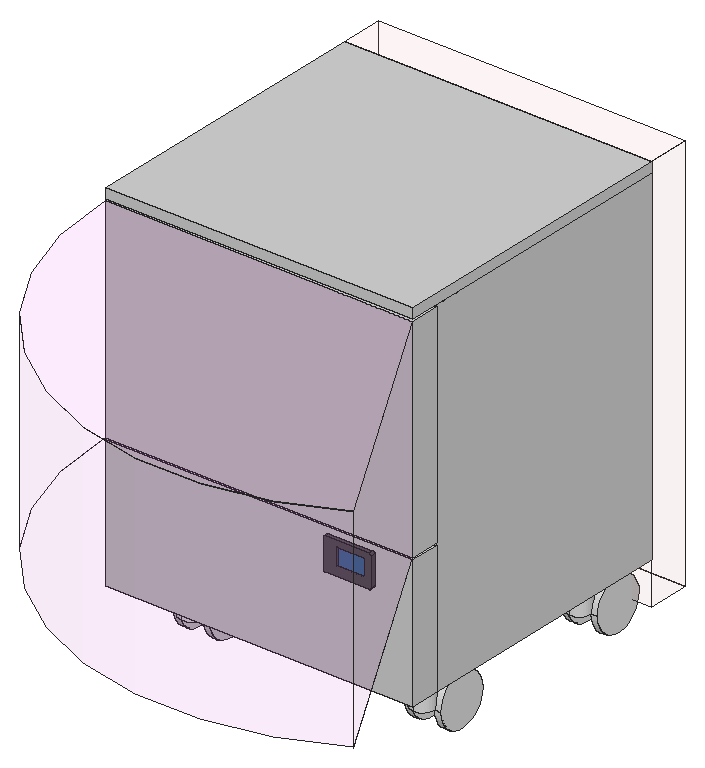
Revit family "Normann_ENTRY_ETR5A-R290", category Attrezzature speciali, Revit 2021
Family settings
  Quota connettore circolare = Usa diametro
  Tipo di parte = Normale
  Basato su piano di lavoro = No
  Sempre verticale = Sì
  Taglio con vuoti quando caricato = No
  Condiviso = No
  Punto di calcolo locali = No
Parameters (values of type "ENTRY5 AIR, R290, 220-240/1N/50, EVJ805, RHH, WHEELS")
  Yield per shock freezing cycle test time (EN22042) - min = 258
  Yield per shock freezing cycle energy consumed (EN22042) - kWh/kg = 0.312
  Yield per shock freezing cycle consuption (EN22042) - kWh = 2
  Yield per shock freezing cycle +65/-18°C (EN22042) - kg = 7
  Yield per shock freezing cycle (+90/-18°C) - kg = 12
  Yield per blast chiling cycle test time (EN22042) - min = 98
  Yield per blast chiling cycle energy consumed (EN22042) - kWh/kg = 0.092
  Yield per blast chiling cycle consumption (EN22042) - kWh = 1
  Yield per blast chiling cycle +65/+10°C (EN22042) - kg = 13
  Yield per blast chiling cycle (+90°C/+3°C) - kg = 18
  Wheel_Feet = yes
  Wheel = Wheel_Feet  # yes
  URL Manufacturer = "https://www.normann.it"
  Tray quantity GN2/3 h65mm = 0
  Tray quantity EN1-GN1/1 h65mm = 0
  Tray quantity EN1-GN1/1 h40mm = 0
  Tray quantity EN1-GN1/1 h20mm = 0
  Tray number = 5
  Tray Type = "GN1/1 e EN1"
  Temperature range - °C = "-40/+3"
  Suction line diameter - mm = 0 mm
  Show_Clearance [instance] = yes
  Refrigeration Climate Class = 4
  Refrigerant gas = "R290"
  Default Elevation = 0 mm
  built-in parameter 1010108 = ""
  Power Supply (Volts/Ph/Hz) = "220-240/1N/50"
  Packing volume - m3 = 0.6
  Packaging length actual - mm = 730 mm
  Packaging height actual - mm = 1090 mm
  Packaging depth actual - mm = 755 mm
  Optional = "CORE PROBE"
  Net Weight kg = 124
  Model Series = "Entry"
  Model Category = "Blast chiller reach-in"
  Max power warm cycle - W = 0
  Max power cold cycle - W = 870
  Max current warm cycle - A = 0
  Max current cold cycle - A = 5.14
  Mat_Grid = Acciaio inox, spazzolato
  Mat_Frame = Acciaio inox, spazzolato
  Manufacturer = "Normann"
  Liquid line diameter - mm = 0 mm
  Length Actual = 715 mm
  Internal length actual - mm = 615 mm
  Internal height actual - mm = 405 mm
  Internal depth actual - mm = 417 mm
  Ice cream pan 5l quantity (360x165x120mm) = 6
  ID = "5A1D1D3B1-05A2D"
  Height_Door = 493 mm
  Height_Feet_Actual = if(Wheel_Feet, 100 mm, H_Feet_Limits)  # 100 mm
  Height Actual = 931 mm
  H_Feet_Limits = if(Height_Feet_100to160 < 100 mm, 100 mm, if(Height_Feet_100to160 > 160 mm, 160 mm, Height_Feet_100to160))  # 125 mm
  Gross Weight kg = 139
  GWP = 3
  Feet = not(Wheel_Feet)  # no
  Door_SX = not(Door Side R_L)  # yes
  Door_DX = Door Side R_L  # no
  OffSet_Display = 51 mm
  Height_Feet_100to160 = 125 mm
  Door Side R_L = no
  Depth Body = 695 mm
  Depth Actual = 695 mm
  Controller = "EVJ805"
  Condensation = "AIR"
  Capacity internal - L = 104
  Asset Identifier = "ETR5A-R290"
Reference planes
  plane 1 "Retro": y = 0
  plane 2: z = 0
  plane 3 "Sinistra": x = 0
  plane 4: x = 202.5
  plane 5: x = 357.5
  plane 6: x = 512.5
  plane 7: x = 715
  plane 8: x = 88
  plane 9: x = 627
  plane 10: y = -100
  plane 11: y = -347.5
  plane 12: y = -555
  plane 13: y = -625
  plane 14: y = -695
  plane 15: y = -695
  plane 16: z = 100
  plane 17: z = 908
  plane 18: z = 354
  plane 19: z = 931
  plane 20: z = 903
  plane 21: z = 405
  plane 22: z = 410
  plane 23: z = 36
  plane 24: y = 100
  plane 25 "Linee di taglio": y = -705
Forms (mm)
  Extrusion 1, solid, material "Acciaio inox, spazzolato" <- "Mat_Frame"
    sketch origin (0, 0, 0) x (1, 0, 0) y (0, 1, 0)
      loop
        line (0, 0) -> (0, -695) -> (715, -695) -> (715, 0) -> (0, 0)
    from 908 to 931
  Extrusion 2, solid, material "Acciaio inox, spazzolato" <- "Mat_Frame"
    sketch origin (0, 0, 0) x (1, 0, 0) y (0, 1, 0)
      loop
        line (0, 0) -> (0, -625) -> (715, -625) -> (715, 0) -> (0, 0)
    from 100 to 908
  Extrusion 3, solid, material "Acciaio inox, spazzolato" <- "Mat_Grid"
    sketch origin (0, 0, 0) x (1, 0, 0) y (0, 1, 0)
      loop
        line (0, -625) -> (0, -695) -> (715, -695) -> (715, -625) -> (0, -625)
    from 100 to 405
  Extrusion 4, solid, material "Acciaio inox, spazzolato" <- "Mat_Frame"
    sketch origin (0, 0, 0) x (1, 0, 0) y (0, 1, 0)
      loop
        line (0, -625) -> (0, -695) -> (715, -695) -> (715, -625) -> (0, -625)
    from 410 to 903
  Extrusion 5, solid, material "Acciaio inox, spazzolato" <- "Mat_Frame"
    sketch origin (0, 0, 0) x (1, 0, 0) y (0, 1, 0)
      loop
        line (202.5, -100) -> (202.5, -555) -> (512.5, -555) -> (512.5, -100) -> (202.5, -100)
    from 36 to 100
  Extrusion 6, solid, material "QF_Finishes_Clearance", visible <- "Show_Clearance"
    sketch origin (0, 0, 0) x (1, 0, 0) y (0, 1, 0)
      loop
        line (0, 100) -> (0, 0) -> (715, 0) -> (715, 100) -> (0, 100)
    from 0 to 931
  Extrusion 7, solid, material "Acciaio inox, spazzolato" <- "Mat_Frame"
    sketch origin (0, 0, 0) x (1, 0, 0) y (0, 0, 1)
      loop
        line (88, 130) -> (88, 160) -> (58, 160) -> (58, 130) -> (88, 130)
    from -1.043 to 0
  Extrusion 8, solid, material "Acciaio inox, spazzolato" <- "Mat_Frame"
    sketch origin (0, 0, 0) x (1, 0, 0) y (0, 0, 1)
      loop
        circle (627, 154.579) r 10
    from -6.778 to 0
Dimensions and locks
  equal spacing: plane 14, plane 11, plane 1 "Retro"
  "Depth Body": plane 14 to plane 1 "Retro"
  equal spacing: plane 3 "Sinistra", plane 5, plane 7
  "Length Actual": plane 3 "Sinistra" to plane 7
  locked: plane 3 "Sinistra" to plane 8 at 88
  locked: plane 9 to plane 7 at 88
  plane 4 to plane 5 to plane 6 = 155 mm locked, 155 mm locked
  plane 10 to plane 1 "Retro" = 100 mm
  plane 12 to plane 13 to plane 14 = 70 mm locked, 70 mm locked
  "Depth Actual": plane 15 to plane 1 "Retro"
  "Height Actual": plane 2 to plane 19
  locked: plane 17 to plane 19 at 23
  locked: plane 20 to plane 17 at 5
  "OffSet_Display": plane 21 to plane 18
  "Height_Feet_Actual": plane 2 to plane 16
  plane 16 to plane 21 = 305 mm
  locked: plane 21 to plane 22 at 5
  locked: plane 23 to plane 16 at 64
  locked: plane 1 "Retro" to plane 24 at 100
  "Height_Door": plane 20 to plane 22
  locked: plane 25 "Linee di taglio" to nested 7 at 10
  aligned and locked: level to plane 2
  aligned and locked: plane 1 "Retro" to Extrusion 1 sketch curve
  aligned and locked: plane 3 "Sinistra" to Extrusion 1 sketch curve
  aligned and locked: plane 7 to Extrusion 1 sketch curve
  aligned and locked: plane 14 to Extrusion 1 sketch curve
  aligned and locked: Extrusion 1 to plane 19
  aligned and locked: plane 17 to Extrusion 1
  aligned and locked: Extrusion 2 sketch curve to Extrusion 1  (x2)
  aligned and locked: Extrusion 2 sketch curve to plane 13
  aligned and locked: plane 7 to Extrusion 2 sketch curve
  aligned and locked: Extrusion 3 sketch curve to Extrusion 2  (x2)
  aligned and locked: plane 14 to Extrusion 3 sketch curve
  aligned and locked: Extrusion 3 sketch curve to Extrusion 1
  aligned and locked: Extrusion 4 sketch curve to Extrusion 2  (x2)
  aligned and locked: Extrusion 4 sketch curve to Extrusion 1  (x2)
  aligned and locked: plane 4 to Extrusion 5 sketch curve
  aligned and locked: Extrusion 5 sketch curve to plane 6
  aligned and locked: Extrusion 2 to plane 17
  aligned and locked: plane 16 to Extrusion 2
  aligned and locked: Extrusion 5 to plane 16
  aligned and locked: plane 20 to Extrusion 4
  aligned and locked: plane 22 to Extrusion 4
  aligned and locked: Extrusion 3 to plane 21
  aligned and locked: plane 16 to Extrusion 3
  aligned and locked: plane 12 to nested 1
  aligned and locked: nested 1 to plane 9
  aligned and locked: nested 3 to plane 12
  aligned and locked: nested 3 to plane 8
  aligned and locked: Extrusion 5 to plane 23
  aligned and locked: Extrusion 6 sketch curve to plane 24
  aligned and locked: Extrusion 6 sketch curve to plane 1 "Retro"
  aligned and locked: Extrusion 6 to plane 19
  aligned and locked: plane 1 "Retro" to Extrusion 7
  aligned and locked: plane 1 "Retro" to Extrusion 8
  aligned and locked: nested 7 to plane 14
  aligned and locked: plane 3 "Sinistra" to nested 7
  aligned and locked: nested 7 to plane 20
  aligned and locked: plane 14 to nested 8
  aligned and locked: nested 8 to plane 7
  aligned and locked: nested 8 to plane 20
  aligned and locked: Extrusion 6 to plane 3 "Sinistra"
  aligned and locked: Extrusion 6 to plane 7
  aligned and locked: nested 2 to plane 9
  aligned and locked: plane 9 to nested 6
  aligned and locked: plane 18 to nested 6
  aligned and locked: nested 5 to plane 9
  aligned and locked: nested 5 to plane 18
Automatic sketch dimensions
  Extrusion 5 sketch curve to plane 12 = 0 mm
  Extrusion 5 sketch curve to plane 10 = 0 mm
  Extrusion 7 sketch curve to plane 8 = 0 mm
  Extrusion 7 sketch curve to plane 8 = 30 mm
  Extrusion 7 sketch curve to plane 16 = 30 mm
  Extrusion 7 sketch curve to Extrusion 7 sketch curve = 30 mm
  Extrusion 8 sketch curve to plane 9 = 0 mm
  Extrusion 8 sketch curve to plane 16 = 54.579 mm
  Extrusion 6 sketch curve to plane 7 = 0 mm
  Extrusion 6 sketch curve to plane 3 "Sinistra" = 0 mm
  radius of Extrusion 8 sketch curve = 10 mm
Nested families
  nested 1: "Feet_Wheel_Norm" at (627, -555, 100) x (0, 1, 0) z (0, 0, -1), Feet <- "Feet", H_Feet <- "Height_Feet_Actual", type "Feet_Wheel_Norm"
    with Wheel yes, H_Wheel 150 mm, H_Feet_Real 100 mm, H_Feet 100 mm, Feet no
  nested 2: "Feet_Wheel_Norm" at (627, -100, 100) x (0, 1, 0) z (0, 0, -1), Feet <- "Feet", H_Feet <- "Height_Feet_Actual", type "Feet_Wheel_Norm"
    with Wheel yes, H_Wheel 150 mm, H_Feet_Real 100 mm, H_Feet 100 mm, Feet no
  nested 3: "Feet_Wheel_Norm" at (88, -555, 100) x (0, 1, 0) z (0, 0, -1), Feet <- "Feet", H_Feet <- "Height_Feet_Actual", type "Feet_Wheel_Norm"
    with Wheel yes, H_Wheel 150 mm, H_Feet_Real 100 mm, H_Feet 100 mm, Feet no
  nested 4: "Feet_Wheel_Norm" at (88, -100, 100) x (0, 1, 0) z (0, 0, -1), Feet <- "Feet", H_Feet <- "Height_Feet_Actual", type "Feet_Wheel_Norm"
    with Wheel yes, H_Wheel 150 mm, H_Feet_Real 100 mm, H_Feet 100 mm, Feet no
  nested 5: "Griglia_Entry_Lit" at (-8.883, -695, 411.762) x (1, 0, 0) z (0, -1, 0), type "Griglia_Entry_Lit"
  nested 6: "Display_Entry" at (571, -695, 354) x (1, 0, 0) z (0, -1, 0), type "Display_Entry"
  nested 7: "Door_Clearance" at (0, -695, 410), Show_Clearance <- "Show_Clearance", visible <- "Door_DX", W <- "Length Actual", H <- "Height_Door", type "Door_Clearance"
    with W 715 mm, Show_Clearance yes, H 493 mm
  nested 8: "Door_Clearance" at (715, -695, 410) x (-1, 0, 0) z (0, 0, 1), W <- "Length Actual", H <- "Height_Door", Show_Clearance <- "Show_Clearance", visible <- "Door_SX", type "Door_Clearance"
    with W 715 mm, Show_Clearance yes, H 493 mm
Connectors
  piping at (627, 6.778, 154.579), diameter 20
    settings: on Extrusion 8, index 2, connector inside diameter 609.6 mm, connector length 0 mm, flow factor 0, pipe flow 0.0 L/s, pressure drop 0.0 Pa, fitting loss kfactor 0, connector angle 0.00°, fixture units 0, engagement length 0 mm, angle of deflection 0.00°, flow configuration 0, flow direction 0, fitting loss method 0, system type 29, joint type 0, gender type 0, connector reference index -1, connector utility 0, adjustable connector no, is connector primary yes, connector description "Water connection"
  electrical at (73, 1.043, 145)
    settings: on Extrusion 7, index 3, voltage 0 V, apparent load 0 VA, apparent load phase1 0 VA, apparent load phase2 0 VA, apparent load phase3 0 VA, power factor 1, load classification "Altro", number of poles 1, system type 31, power factor state 1, is connector primary yes, connector utility no, sub classification motor no, connector description "Electrical connection"
Definition of nested family "Feet_Wheel_Norm"
  Parameters (values of type "Feet_Wheel_Norm")
    Wheel [instance] = not(Feet)  # no
    Default Elevation = 1219.2 mm
    Mat_Feet = none
    H_Wheel [instance] = if(Wheel, 150 mm, H_Feet_Real)  # 150 mm
    H_Feet_Real [instance] = if(H_Feet < 100 mm, 100 mm, if(H_Feet > 160 mm, 160 mm, H_Feet))  # 150 mm
    H_Feet [instance] = 150 mm
    Feet [instance] = yes
    D = 55 mm
  Reference planes
    plane 1 "Centro (Fronte/Retro)": y = 0
    plane 2: z = 0
    plane 3 "Centro (Sinistra/Destra)": x = 0
    plane 4: y = 42.5
    plane 5: y = 27.5
    plane 6: y = -27.5
    plane 7: y = -42.5
    plane 8: z = 30
    plane 9: z = 90
    plane 10: z = 125
    plane 11: z = 150
  Forms (mm)
    Extrusion 1, solid
      sketch origin (0, 0, 0) x (1, 0, 0) y (0, 1, 0)
        loop
          line (-1219.2, 1219.2) -> (-1219.2, -1219.2) -> (1219.2, -1219.2) -> (1219.2, 1219.2) -> (-1219.2, 1219.2)
      from 0 to -304.8
    Extrusion 2, solid, material <- "Mat_Feet", visible <- "Feet"
      sketch origin (0, 0, 0) x (1, 0, 0) y (0, 1, 0)
        loop
          circle (0, 0) r 27.3
      from 125 to 150
    Extrusion 3, solid, material <- "Mat_Feet", visible <- "Feet"
      sketch origin (0, 0, 0) x (1, 0, 0) y (0, 1, 0)
        loop
          circle (0, 0) r 31.5
      from 0 to 125
    Extrusion 4, solid, material <- "Mat_Feet", visible <- "Wheel"
      sketch origin (0, 0, 0) x (1, 0, 0) y (0, 1, 0)
        loop
          circle (0, 0) r 27.3
      from 0 to 90
    Extrusion 5, solid, material <- "Mat_Feet", visible <- "Wheel"
      sketch origin (-40.152, 0, 0) x (1, 0, 0) y (0, 0, 1)
        loop
          circle (100.152, 90) r 60
      from 27.5 to 42.5
    Extrusion 6, solid, material <- "Mat_Feet", visible <- "Wheel"
      sketch origin (-40.152, 0, 0) x (1, 0, 0) y (0, 0, -1)
        loop
          circle (100.152, -90) r 60
      from 27.5 to 42.5
  Dimensions and locks
    equal spacing: plane 6, plane 1 "Centro (Fronte/Retro)", plane 5
    locked: plane 5 to plane 4 at 15
    locked: plane 7 to plane 6 at 15
    "D": plane 6 to plane 5
    "H_Wheel": plane 2 to plane 11
    locked: plane 10 to plane 11 at 25
    plane 2 to plane 9 = 90 mm
    locked: plane 8 to plane 9 at 60
    aligned and locked: plane 2 to Extrusion 1
    aligned and locked: level to Extrusion 1
    aligned and locked: Extrusion 3 to plane 10
    aligned and locked: plane 10 to Extrusion 2
    aligned and locked: Extrusion 2 to plane 11
    aligned and locked: Extrusion 4 to plane 2
    aligned and locked: Extrusion 4 to plane 9
    aligned and locked: Extrusion 5 to plane 6
    aligned and locked: plane 7 to Extrusion 5
    aligned and locked: Extrusion 6 to plane 4
    aligned and locked: plane 5 to Extrusion 6
    aligned and locked: plane 3 "Centro (Sinistra/Destra)" to Extrusion 5
    aligned and locked: plane 3 "Centro (Sinistra/Destra)" to Extrusion 6
  Automatic sketch dimensions
    Extrusion 1 sketch curve to Extrusion 1 sketch curve = 2438.4 mm  (x2)
    plane 1 "Centro (Fronte/Retro)" to Extrusion 2 sketch curve = 0 mm
    Extrusion 2 sketch curve to plane 3 "Centro (Sinistra/Destra)" = 0 mm
    plane 1 "Centro (Fronte/Retro)" to Extrusion 3 sketch curve = 0 mm
    Extrusion 3 sketch curve to plane 3 "Centro (Sinistra/Destra)" = 0 mm
    Extrusion 4 sketch curve to Extrusion 4 sketch curve = 0 mm  (x2)
    plane 1 "Centro (Fronte/Retro)" to Extrusion 4 sketch curve = 0 mm
    Extrusion 4 sketch curve to plane 3 "Centro (Sinistra/Destra)" = 0 mm
    Extrusion 4 sketch curve to Extrusion 4 sketch curve = 27.3 mm
    Extrusion 5 sketch curve to plane 9 = 0 mm
    plane 3 "Centro (Sinistra/Destra)" to Extrusion 5 sketch curve = 60 mm
    Extrusion 6 sketch curve to plane 9 = 0 mm
    plane 3 "Centro (Sinistra/Destra)" to Extrusion 6 sketch curve = 60 mm
    radius of Extrusion 2 sketch curve = 27.3 mm
    radius of Extrusion 3 sketch curve = 31.5 mm
    radius of Extrusion 5 sketch curve = 60 mm
    radius of Extrusion 6 sketch curve = 60 mm
Definition of nested family "Display_Entry"
  Parameters (values of type "Display_Entry")
    W = 112 mm
    Default Elevation = 1219.2 mm
    H = 10 mm
    D = 76 mm
  Reference planes
    plane 1 "Centro (Fronte/Retro)": y = 0
    plane 2: z = 0
    plane 3 "Centro (Sinistra/Destra)": x = 0
    plane 4: x = 56
    plane 5: x = -56
    plane 6: y = 38
    plane 7: y = -38
    plane 8: z = 10
    plane 9: z = 8
  Forms (mm)
    Extrusion 1, solid
      sketch origin (0, 0, 0) x (1, 0, 0) y (0, 1, 0)
        loop
          line (-1219.2, 1219.2) -> (-1219.2, -1219.2) -> (1219.2, -1219.2) -> (1219.2, 1219.2) -> (-1219.2, 1219.2)
      from 0 to -304.8
    Extrusion 2, solid
      sketch origin (0, 0, 0) x (1, 0, 0) y (0, 1, 0)
        loop
          arc (-51, 38) -> (-54.536, 36.536) -> (-56, 33) r 5
          line (-56, 33) -> (-56, -33)
          arc (-56, -33) -> (-54.536, -36.536) -> (-51, -38) r 5
          line (-51, -38) -> (51, -38)
          arc (51, -38) -> (54.536, -36.536) -> (56, -33) r 5
          line (56, -33) -> (56, 33)
          arc (56, 33) -> (54.536, 36.536) -> (51, 38) r 5
          line (51, 38) -> (-51, 38)
        loop
          line (-23.475, 24.857) -> (-23.475, -15.143) -> (41.525, -15.143) -> (41.525, 24.857) -> (-23.475, 24.857)
      from 0 to 10
    Extrusion 3, solid
      sketch origin (0, 0, 0) x (1, 0, 0) y (0, 1, 0)
        loop
          line (-23.475, 24.857) -> (-23.475, -15.143) -> (41.525, -15.143) -> (41.525, 24.857) -> (-23.475, 24.857)
      from 0 to 8
  Dimensions and locks
    "W": plane 5 to plane 4
    equal spacing: plane 7, plane 1 "Centro (Fronte/Retro)", plane 6
    "D": plane 7 to plane 6
    equal spacing: plane 5, plane 3 "Centro (Sinistra/Destra)", plane 4
    locked: plane 9 to plane 8 at 2
    "H": plane 2 to plane 8
    aligned and locked: plane 2 to Extrusion 1
    aligned and locked: level to Extrusion 1
    aligned and locked: plane 6 to Extrusion 2 sketch curve
    aligned and locked: Extrusion 2 sketch curve to plane 5
    aligned and locked: plane 7 to Extrusion 2 sketch curve
    aligned and locked: plane 4 to Extrusion 2 sketch curve
    aligned and locked: Extrusion 3 sketch curve to Extrusion 2  (x4)
    aligned and locked: Extrusion 2 to plane 8
    aligned and locked: plane 9 to Extrusion 3
  Automatic sketch dimensions
    Extrusion 1 sketch curve to Extrusion 1 sketch curve = 2438.4 mm  (x2)
    Extrusion 2 sketch curve to plane 5 = 5 mm  (x2)
    Extrusion 2 sketch curve to plane 3 "Centro (Sinistra/Destra)" = 23.475 mm
    plane 4 to Extrusion 2 sketch curve = 14.475 mm
    plane 4 to Extrusion 2 sketch curve = 5 mm  (x2)
    plane 1 "Centro (Fronte/Retro)" to Extrusion 2 sketch curve = 15.143 mm
    Extrusion 2 sketch curve to Extrusion 2 sketch curve = 8.143 mm
Definition of nested family "Door_Clearance"
  Parameters (values of type "Door_Clearance")
    W [instance] = 750 mm
    Show_Clearance [instance] = yes
    Default Elevation = 0 mm
    H [instance] = 464 mm
  Reference planes
    plane 1 "Centro (Fronte/Retro)": y = 0
    plane 2: z = 0
    plane 3 "Centro (Sinistra/Destra)": x = 0
    plane 4: x = 750
    plane 5: z = 464
  Forms (mm)
    Revolve 1, solid, visible <- "Show_Clearance"
      sketch origin (0, 0, 0) x (1, 0, 0) y (0, 0, 1)
        loop
          line (0, 464) -> (0, 0) -> (750, 0) -> (750, 464) -> (0, 464)
        axis (0, 464) -> (0, 0)
      angle from 240 to 360
  Dimensions and locks
    "W": plane 3 "Centro (Sinistra/Destra)" to plane 4
    "H": plane 2 to plane 5
    aligned and locked: level to plane 2
    aligned and locked: plane 2 to Revolve 1
    aligned and locked: Revolve 1 to plane 5
  Automatic sketch dimensions
    Revolve 1 sketch curve to plane 3 "Centro (Sinistra/Destra)" = 0 mm  (x2)
    plane 4 to Revolve 1 sketch curve = 0 mm
    level to Revolve 1 sketch curve = 0 mm
    Revolve 1 sketch curve to Revolve 1 sketch curve = 464 mm
    Revolve 1 sketch curve to Revolve 1 sketch curve = 263.9 mm
    Revolve 1 sketch curve to Revolve 1 sketch curve = 334.115 mm
Definition of nested family "Griglia_Entry_Lit"
  Parameters (values of type "Griglia_Entry_Lit")
    Default Elevation = 1219.2 mm
  Reference planes
    plane 1 "Centro (Fronte/Retro)": y = 0
    plane 2: z = 0
    plane 3 "Centro (Sinistra/Destra)": x = 0
  Forms (mm)
    Extrusion 1, solid
      sketch origin (0, 0, 0) x (1, 0, 0) y (0, 1, 0)
        loop
          line (-1219.2, 1219.2) -> (-1219.2, -1219.2) -> (1219.2, -1219.2) -> (1219.2, 1219.2) -> (-1219.2, 1219.2)
      from 0 to -304.8
  Lines and regions (mm)
    model lines, detail levels medium+fine
      curve 1: line (229.083, -22.602, 0) -> (259.083, -22.602, 0)
      curve 2: line (229.083, -28.602, 0) -> (229.083, -22.602, 0)
      curve 3: line (259.083, -28.602, 0) -> (229.083, -28.602, 0)
      curve 4: line (259.083, -22.602, 0) -> (259.083, -28.602, 0)
      curve 5: line (229.083, -31.202, 0) -> (259.083, -31.202, 0)
      curve 6: line (229.083, -37.202, 0) -> (229.083, -31.202, 0)
      curve 7: line (259.083, -37.202, 0) -> (229.083, -37.202, 0)
      curve 8: line (259.083, -31.202, 0) -> (259.083, -37.202, 0)
      curve 9: line (229.083, -39.802, 0) -> (259.083, -39.802, 0)
      curve 10: line (229.083, -45.802, 0) -> (229.083, -39.802, 0)
      curve 11: line (259.083, -45.802, 0) -> (229.083, -45.802, 0)
      curve 12: line (259.083, -39.802, 0) -> (259.083, -45.802, 0)
      curve 13: line (229.083, -48.402, 0) -> (259.083, -48.402, 0)
      curve 14: line (229.083, -54.402, 0) -> (229.083, -48.402, 0)
      curve 15: line (259.083, -54.402, 0) -> (229.083, -54.402, 0)
      curve 16: line (259.083, -48.402, 0) -> (259.083, -54.402, 0)
      curve 17: line (229.083, -57.002, 0) -> (259.083, -57.002, 0)
      curve 18: line (229.083, -63.002, 0) -> (229.083, -57.002, 0)
      curve 19: line (259.083, -63.002, 0) -> (229.083, -63.002, 0)
      curve 20: line (259.083, -57.002, 0) -> (259.083, -63.002, 0)
      curve 21: line (229.083, -65.602, 0) -> (259.083, -65.602, 0)
      curve 22: line (229.083, -71.602, 0) -> (229.083, -65.602, 0)
      curve 23: line (259.083, -71.602, 0) -> (229.083, -71.602, 0)
      curve 24: line (259.083, -65.602, 0) -> (259.083, -71.602, 0)
      curve 25: line (229.083, -74.202, 0) -> (259.083, -74.202, 0)
      curve 26: line (229.083, -80.202, 0) -> (229.083, -74.202, 0)
      curve 27: line (259.083, -80.202, 0) -> (229.083, -80.202, 0)
      curve 28: line (259.083, -74.202, 0) -> (259.083, -80.202, 0)
      curve 29: line (229.083, -82.802, 0) -> (259.083, -82.802, 0)
      curve 30: line (229.083, -88.802, 0) -> (229.083, -82.802, 0)
      curve 31: line (259.083, -88.802, 0) -> (229.083, -88.802, 0)
      curve 32: line (259.083, -82.802, 0) -> (259.083, -88.802, 0)
      curve 33: line (229.083, -91.402, 0) -> (259.083, -91.402, 0)
      curve 34: line (229.083, -97.402, 0) -> (229.083, -91.402, 0)
      curve 35: line (259.083, -97.402, 0) -> (229.083, -97.402, 0)
      curve 36: line (259.083, -91.402, 0) -> (259.083, -97.402, 0)
      curve 37: line (229.083, -100.002, 0) -> (259.083, -100.002, 0)
      curve 38: line (229.083, -106.002, 0) -> (229.083, -100.002, 0)
      curve 39: line (259.083, -106.002, 0) -> (229.083, -106.002, 0)
      curve 40: line (259.083, -100.002, 0) -> (259.083, -106.002, 0)
      curve 41: line (229.083, -108.602, 0) -> (259.083, -108.602, 0)
      curve 42: line (229.083, -114.602, 0) -> (229.083, -108.602, 0)
      curve 43: line (259.083, -114.602, 0) -> (229.083, -114.602, 0)
      curve 44: line (259.083, -108.602, 0) -> (259.083, -114.602, 0)
      curve 45: line (229.083, -117.202, 0) -> (259.083, -117.202, 0)
      curve 46: line (229.083, -123.202, 0) -> (229.083, -117.202, 0)
      curve 47: line (259.083, -123.202, 0) -> (229.083, -123.202, 0)
      curve 48: line (259.083, -117.202, 0) -> (259.083, -123.202, 0)
      curve 49: line (229.083, -125.802, 0) -> (259.083, -125.802, 0)
      curve 50: line (229.083, -131.802, 0) -> (229.083, -125.802, 0)
      curve 51: line (259.083, -131.802, 0) -> (229.083, -131.802, 0)
      curve 52: line (259.083, -125.802, 0) -> (259.083, -131.802, 0)
      curve 53: line (229.083, -134.402, 0) -> (259.083, -134.402, 0)
      curve 54: line (229.083, -140.402, 0) -> (229.083, -134.402, 0)
      curve 55: line (259.083, -140.402, 0) -> (229.083, -140.402, 0)
      curve 56: line (259.083, -134.402, 0) -> (259.083, -140.402, 0)
      curve 57: line (229.083, -143.002, 0) -> (259.083, -143.002, 0)
      curve 58: line (229.083, -149.002, 0) -> (229.083, -143.002, 0)
      curve 59: line (259.083, -149.002, 0) -> (229.083, -149.002, 0)
      curve 60: line (259.083, -143.002, 0) -> (259.083, -149.002, 0)
      curve 61: line (229.083, -151.602, 0) -> (259.083, -151.602, 0)
      curve 62: line (229.083, -157.602, 0) -> (229.083, -151.602, 0)
      curve 63: line (259.083, -157.602, 0) -> (229.083, -157.602, 0)
      curve 64: line (259.083, -151.602, 0) -> (259.083, -157.602, 0)
      curve 65: line (229.083, -160.202, 0) -> (259.083, -160.202, 0)
      curve 66: line (229.083, -166.202, 0) -> (229.083, -160.202, 0)
      curve 67: line (259.083, -166.202, 0) -> (229.083, -166.202, 0)
      curve 68: line (259.083, -160.202, 0) -> (259.083, -166.202, 0)
      curve 69: line (229.083, -168.802, 0) -> (259.083, -168.802, 0)
      curve 70: line (229.083, -174.802, 0) -> (229.083, -168.802, 0)
      curve 71: line (259.083, -174.802, 0) -> (229.083, -174.802, 0)
      curve 72: line (259.083, -168.802, 0) -> (259.083, -174.802, 0)
      curve 73: line (229.083, -177.402, 0) -> (259.083, -177.402, 0)
      curve 74: line (229.083, -183.402, 0) -> (229.083, -177.402, 0)
      curve 75: line (259.083, -183.402, 0) -> (229.083, -183.402, 0)
      curve 76: line (259.083, -177.402, 0) -> (259.083, -183.402, 0)
      curve 77: line (229.083, -186.002, 0) -> (259.083, -186.002, 0)
      curve 78: line (229.083, -192.002, 0) -> (229.083, -186.002, 0)
      curve 79: line (259.083, -192.002, 0) -> (229.083, -192.002, 0)
      curve 80: line (259.083, -186.002, 0) -> (259.083, -192.002, 0)
      curve 81: line (229.083, -194.602, 0) -> (259.083, -194.602, 0)
      curve 82: line (229.083, -200.602, 0) -> (229.083, -194.602, 0)
      curve 83: line (259.083, -200.602, 0) -> (229.083, -200.602, 0)
      curve 84: line (259.083, -194.602, 0) -> (259.083, -200.602, 0)
      curve 85: line (229.083, -203.202, 0) -> (259.083, -203.202, 0)
      curve 86: line (229.083, -209.202, 0) -> (229.083, -203.202, 0)
      curve 87: line (259.083, -209.202, 0) -> (229.083, -209.202, 0)
      curve 88: line (259.083, -203.202, 0) -> (259.083, -209.202, 0)
      curve 89: line (229.083, -211.802, 0) -> (259.083, -211.802, 0)
      curve 90: line (229.083, -217.802, 0) -> (229.083, -211.802, 0)
      curve 91: line (259.083, -217.802, 0) -> (229.083, -217.802, 0)
      curve 92: line (259.083, -211.802, 0) -> (259.083, -217.802, 0)
      curve 93: line (229.083, -220.402, 0) -> (259.083, -220.402, 0)
      curve 94: line (229.083, -226.402, 0) -> (229.083, -220.402, 0)
      curve 95: line (259.083, -226.402, 0) -> (229.083, -226.402, 0)
      curve 96: line (259.083, -220.402, 0) -> (259.083, -226.402, 0)
      curve 97: line (229.083, -229.002, 0) -> (259.083, -229.002, 0)
      curve 98: line (229.083, -235.002, 0) -> (229.083, -229.002, 0)
      curve 99: line (259.083, -235.002, 0) -> (229.083, -235.002, 0)
      curve 100: line (259.083, -229.002, 0) -> (259.083, -235.002, 0)
      curve 101: line (229.083, -237.602, 0) -> (259.083, -237.602, 0)
      curve 102: line (229.083, -243.602, 0) -> (229.083, -237.602, 0)
      curve 103: line (259.083, -243.602, 0) -> (229.083, -243.602, 0)
      curve 104: line (259.083, -237.602, 0) -> (259.083, -243.602, 0)
      curve 105: line (229.083, -246.202, 0) -> (259.083, -246.202, 0)
      curve 106: line (229.083, -252.202, 0) -> (229.083, -246.202, 0)
      curve 107: line (259.083, -252.202, 0) -> (229.083, -252.202, 0)
      curve 108: line (259.083, -246.202, 0) -> (259.083, -252.202, 0)
      curve 109: line (229.083, -254.802, 0) -> (259.083, -254.802, 0)
      curve 110: line (229.083, -260.802, 0) -> (229.083, -254.802, 0)
      curve 111: line (259.083, -260.802, 0) -> (229.083, -260.802, 0)
      curve 112: line (259.083, -254.802, 0) -> (259.083, -260.802, 0)
      curve 113: line (78.458, -22.602, 0) -> (108.458, -22.602, 0)
      curve 114: line (78.458, -28.602, 0) -> (78.458, -22.602, 0)
      curve 115: line (108.458, -28.602, 0) -> (78.458, -28.602, 0)
      curve 116: line (108.458, -22.602, 0) -> (108.458, -28.602, 0)
      curve 117: line (153.458, -22.602, 0) -> (183.458, -22.602, 0)
      curve 118: line (153.458, -28.602, 0) -> (153.458, -22.602, 0)
      curve 119: line (183.458, -28.602, 0) -> (153.458, -28.602, 0)
      curve 120: line (183.458, -22.602, 0) -> (183.458, -28.602, 0)
      curve 121: line (304.683, -22.602, 0) -> (334.683, -22.602, 0)
      curve 122: line (304.683, -28.602, 0) -> (304.683, -22.602, 0)
      curve 123: line (334.683, -28.602, 0) -> (304.683, -28.602, 0)
      curve 124: line (334.683, -22.602, 0) -> (334.683, -28.602, 0)
      curve 125: line (380.283, -22.602, 0) -> (410.283, -22.602, 0)
      curve 126: line (380.283, -28.602, 0) -> (380.283, -22.602, 0)
      curve 127: line (410.283, -28.602, 0) -> (380.283, -28.602, 0)
      curve 128: line (410.283, -22.602, 0) -> (410.283, -28.602, 0)
      curve 129: line (455.883, -125.802, 0) -> (485.883, -125.802, 0)
      curve 130: line (455.883, -131.802, 0) -> (455.883, -125.802, 0)
      curve 131: line (485.883, -131.802, 0) -> (455.883, -131.802, 0)
      curve 132: line (485.883, -125.802, 0) -> (485.883, -131.802, 0)
      curve 133: line (530.883, -125.802, 0) -> (560.883, -125.802, 0)
      curve 134: line (530.883, -131.802, 0) -> (530.883, -125.802, 0)
      curve 135: line (560.883, -131.802, 0) -> (530.883, -131.802, 0)
      curve 136: line (560.883, -125.802, 0) -> (560.883, -131.802, 0)
      curve 137: line (605.883, -125.802, 0) -> (635.883, -125.802, 0)
      curve 138: line (605.883, -131.802, 0) -> (605.883, -125.802, 0)
      curve 139: line (635.883, -131.802, 0) -> (605.883, -131.802, 0)
      curve 140: line (635.883, -125.802, 0) -> (635.883, -131.802, 0)
      curve 141: line (78.458, -31.202, 0) -> (108.458, -31.202, 0)
      curve 142: line (78.458, -37.202, 0) -> (78.458, -31.202, 0)
      curve 143: line (108.458, -37.202, 0) -> (78.458, -37.202, 0)
      curve 144: line (108.458, -31.202, 0) -> (108.458, -37.202, 0)
      curve 145: line (78.458, -39.802, 0) -> (108.458, -39.802, 0)
      curve 146: line (78.458, -45.802, 0) -> (78.458, -39.802, 0)
      curve 147: line (108.458, -45.802, 0) -> (78.458, -45.802, 0)
      curve 148: line (108.458, -39.802, 0) -> (108.458, -45.802, 0)
      curve 149: line (78.458, -48.402, 0) -> (108.458, -48.402, 0)
      curve 150: line (78.458, -54.402, 0) -> (78.458, -48.402, 0)
      curve 151: line (108.458, -54.402, 0) -> (78.458, -54.402, 0)
      curve 152: line (108.458, -48.402, 0) -> (108.458, -54.402, 0)
      curve 153: line (78.458, -57.002, 0) -> (108.458, -57.002, 0)
      curve 154: line (78.458, -63.002, 0) -> (78.458, -57.002, 0)
      curve 155: line (108.458, -63.002, 0) -> (78.458, -63.002, 0)
      curve 156: line (108.458, -57.002, 0) -> (108.458, -63.002, 0)
      curve 157: line (78.458, -65.602, 0) -> (108.458, -65.602, 0)
      curve 158: line (78.458, -71.602, 0) -> (78.458, -65.602, 0)
      curve 159: line (108.458, -71.602, 0) -> (78.458, -71.602, 0)
      curve 160: line (108.458, -65.602, 0) -> (108.458, -71.602, 0)
      curve 161: line (78.458, -74.202, 0) -> (108.458, -74.202, 0)
      curve 162: line (78.458, -80.202, 0) -> (78.458, -74.202, 0)
      curve 163: line (108.458, -80.202, 0) -> (78.458, -80.202, 0)
      curve 164: line (108.458, -74.202, 0) -> (108.458, -80.202, 0)
      curve 165: line (78.458, -82.802, 0) -> (108.458, -82.802, 0)
      curve 166: line (78.458, -88.802, 0) -> (78.458, -82.802, 0)
      curve 167: line (108.458, -88.802, 0) -> (78.458, -88.802, 0)
      curve 168: line (108.458, -82.802, 0) -> (108.458, -88.802, 0)
      curve 169: line (78.458, -91.402, 0) -> (108.458, -91.402, 0)
      curve 170: line (78.458, -97.402, 0) -> (78.458, -91.402, 0)
      curve 171: line (108.458, -97.402, 0) -> (78.458, -97.402, 0)
      curve 172: line (108.458, -91.402, 0) -> (108.458, -97.402, 0)
      curve 173: line (78.458, -100.002, 0) -> (108.458, -100.002, 0)
      curve 174: line (78.458, -106.002, 0) -> (78.458, -100.002, 0)
      curve 175: line (108.458, -106.002, 0) -> (78.458, -106.002, 0)
      curve 176: line (108.458, -100.002, 0) -> (108.458, -106.002, 0)
      curve 177: line (78.458, -108.602, 0) -> (108.458, -108.602, 0)
      curve 178: line (78.458, -114.602, 0) -> (78.458, -108.602, 0)
      curve 179: line (108.458, -114.602, 0) -> (78.458, -114.602, 0)
      curve 180: line (108.458, -108.602, 0) -> (108.458, -114.602, 0)
      curve 181: line (78.458, -117.202, 0) -> (108.458, -117.202, 0)
      curve 182: line (78.458, -123.202, 0) -> (78.458, -117.202, 0)
      curve 183: line (108.458, -123.202, 0) -> (78.458, -123.202, 0)
      curve 184: line (108.458, -117.202, 0) -> (108.458, -123.202, 0)
      curve 185: line (78.458, -125.802, 0) -> (108.458, -125.802, 0)
      curve 186: line (78.458, -131.802, 0) -> (78.458, -125.802, 0)
      curve 187: line (108.458, -131.802, 0) -> (78.458, -131.802, 0)
      curve 188: line (108.458, -125.802, 0) -> (108.458, -131.802, 0)
      curve 189: line (78.458, -134.402, 0) -> (108.458, -134.402, 0)
      curve 190: line (78.458, -140.402, 0) -> (78.458, -134.402, 0)
      curve 191: line (108.458, -140.402, 0) -> (78.458, -140.402, 0)
      curve 192: line (108.458, -134.402, 0) -> (108.458, -140.402, 0)
      curve 193: line (78.458, -143.002, 0) -> (108.458, -143.002, 0)
      curve 194: line (78.458, -149.002, 0) -> (78.458, -143.002, 0)
      curve 195: line (108.458, -149.002, 0) -> (78.458, -149.002, 0)
      curve 196: line (108.458, -143.002, 0) -> (108.458, -149.002, 0)
      curve 197: line (78.458, -151.602, 0) -> (108.458, -151.602, 0)
      curve 198: line (78.458, -157.602, 0) -> (78.458, -151.602, 0)
      curve 199: line (108.458, -157.602, 0) -> (78.458, -157.602, 0)
      curve 200: line (108.458, -151.602, 0) -> (108.458, -157.602, 0)
      curve 201: line (78.458, -160.202, 0) -> (108.458, -160.202, 0)
      curve 202: line (78.458, -166.202, 0) -> (78.458, -160.202, 0)
      curve 203: line (108.458, -166.202, 0) -> (78.458, -166.202, 0)
      curve 204: line (108.458, -160.202, 0) -> (108.458, -166.202, 0)
      curve 205: line (78.458, -168.802, 0) -> (108.458, -168.802, 0)
      curve 206: line (78.458, -174.802, 0) -> (78.458, -168.802, 0)
      curve 207: line (108.458, -174.802, 0) -> (78.458, -174.802, 0)
      curve 208: line (108.458, -168.802, 0) -> (108.458, -174.802, 0)
      curve 209: line (78.458, -177.402, 0) -> (108.458, -177.402, 0)
      curve 210: line (78.458, -183.402, 0) -> (78.458, -177.402, 0)
      curve 211: line (108.458, -183.402, 0) -> (78.458, -183.402, 0)
      curve 212: line (108.458, -177.402, 0) -> (108.458, -183.402, 0)
      curve 213: line (78.458, -186.002, 0) -> (108.458, -186.002, 0)
      curve 214: line (78.458, -192.002, 0) -> (78.458, -186.002, 0)
      curve 215: line (108.458, -192.002, 0) -> (78.458, -192.002, 0)
      curve 216: line (108.458, -186.002, 0) -> (108.458, -192.002, 0)
      curve 217: line (78.458, -194.602, 0) -> (108.458, -194.602, 0)
      curve 218: line (78.458, -200.602, 0) -> (78.458, -194.602, 0)
      curve 219: line (108.458, -200.602, 0) -> (78.458, -200.602, 0)
      curve 220: line (108.458, -194.602, 0) -> (108.458, -200.602, 0)
      curve 221: line (78.458, -203.202, 0) -> (108.458, -203.202, 0)
      curve 222: line (78.458, -209.202, 0) -> (78.458, -203.202, 0)
      curve 223: line (108.458, -209.202, 0) -> (78.458, -209.202, 0)
      curve 224: line (108.458, -203.202, 0) -> (108.458, -209.202, 0)
      curve 225: line (78.458, -211.802, 0) -> (108.458, -211.802, 0)
      curve 226: line (78.458, -217.802, 0) -> (78.458, -211.802, 0)
      curve 227: line (108.458, -217.802, 0) -> (78.458, -217.802, 0)
      curve 228: line (108.458, -211.802, 0) -> (108.458, -217.802, 0)
      curve 229: line (78.458, -220.402, 0) -> (108.458, -220.402, 0)
      curve 230: line (78.458, -226.402, 0) -> (78.458, -220.402, 0)
      curve 231: line (108.458, -226.402, 0) -> (78.458, -226.402, 0)
      curve 232: line (108.458, -220.402, 0) -> (108.458, -226.402, 0)
      curve 233: line (78.458, -229.002, 0) -> (108.458, -229.002, 0)
      curve 234: line (78.458, -235.002, 0) -> (78.458, -229.002, 0)
      curve 235: line (108.458, -235.002, 0) -> (78.458, -235.002, 0)
      curve 236: line (108.458, -229.002, 0) -> (108.458, -235.002, 0)
      curve 237: line (78.458, -237.602, 0) -> (108.458, -237.602, 0)
      curve 238: line (78.458, -243.602, 0) -> (78.458, -237.602, 0)
      curve 239: line (108.458, -243.602, 0) -> (78.458, -243.602, 0)
      curve 240: line (108.458, -237.602, 0) -> (108.458, -243.602, 0)
      curve 241: line (78.458, -246.202, 0) -> (108.458, -246.202, 0)
      curve 242: line (78.458, -252.202, 0) -> (78.458, -246.202, 0)
      curve 243: line (108.458, -252.202, 0) -> (78.458, -252.202, 0)
      curve 244: line (108.458, -246.202, 0) -> (108.458, -252.202, 0)
      curve 245: line (78.458, -254.802, 0) -> (108.458, -254.802, 0)
      curve 246: line (78.458, -260.802, 0) -> (78.458, -254.802, 0)
      curve 247: line (108.458, -260.802, 0) -> (78.458, -260.802, 0)
      curve 248: line (108.458, -254.802, 0) -> (108.458, -260.802, 0)
      curve 249: line (153.458, -31.202, 0) -> (183.458, -31.202, 0)
      curve 250: line (153.458, -37.202, 0) -> (153.458, -31.202, 0)
      curve 251: line (183.458, -37.202, 0) -> (153.458, -37.202, 0)
      curve 252: line (183.458, -31.202, 0) -> (183.458, -37.202, 0)
      curve 253: line (153.458, -39.802, 0) -> (183.458, -39.802, 0)
      curve 254: line (153.458, -45.802, 0) -> (153.458, -39.802, 0)
      curve 255: line (183.458, -45.802, 0) -> (153.458, -45.802, 0)
      curve 256: line (183.458, -39.802, 0) -> (183.458, -45.802, 0)
      curve 257: line (153.458, -48.402, 0) -> (183.458, -48.402, 0)
      curve 258: line (153.458, -54.402, 0) -> (153.458, -48.402, 0)
      curve 259: line (183.458, -54.402, 0) -> (153.458, -54.402, 0)
      curve 260: line (183.458, -48.402, 0) -> (183.458, -54.402, 0)
      curve 261: line (153.458, -57.002, 0) -> (183.458, -57.002, 0)
      curve 262: line (153.458, -63.002, 0) -> (153.458, -57.002, 0)
      curve 263: line (183.458, -63.002, 0) -> (153.458, -63.002, 0)
      curve 264: line (183.458, -57.002, 0) -> (183.458, -63.002, 0)
      curve 265: line (153.458, -65.602, 0) -> (183.458, -65.602, 0)
      curve 266: line (153.458, -71.602, 0) -> (153.458, -65.602, 0)
      curve 267: line (183.458, -71.602, 0) -> (153.458, -71.602, 0)
      curve 268: line (183.458, -65.602, 0) -> (183.458, -71.602, 0)
      curve 269: line (153.458, -74.202, 0) -> (183.458, -74.202, 0)
      curve 270: line (153.458, -80.202, 0) -> (153.458, -74.202, 0)
      curve 271: line (183.458, -80.202, 0) -> (153.458, -80.202, 0)
      curve 272: line (183.458, -74.202, 0) -> (183.458, -80.202, 0)
      curve 273: line (153.458, -82.802, 0) -> (183.458, -82.802, 0)
      curve 274: line (153.458, -88.802, 0) -> (153.458, -82.802, 0)
      curve 275: line (183.458, -88.802, 0) -> (153.458, -88.802, 0)
      curve 276: line (183.458, -82.802, 0) -> (183.458, -88.802, 0)
      curve 277: line (153.458, -91.402, 0) -> (183.458, -91.402, 0)
      curve 278: line (153.458, -97.402, 0) -> (153.458, -91.402, 0)
      curve 279: line (183.458, -97.402, 0) -> (153.458, -97.402, 0)
      curve 280: line (183.458, -91.402, 0) -> (183.458, -97.402, 0)
      curve 281: line (153.458, -100.002, 0) -> (183.458, -100.002, 0)
      curve 282: line (153.458, -106.002, 0) -> (153.458, -100.002, 0)
      curve 283: line (183.458, -106.002, 0) -> (153.458, -106.002, 0)
      curve 284: line (183.458, -100.002, 0) -> (183.458, -106.002, 0)
      curve 285: line (153.458, -108.602, 0) -> (183.458, -108.602, 0)
      curve 286: line (153.458, -114.602, 0) -> (153.458, -108.602, 0)
      curve 287: line (183.458, -114.602, 0) -> (153.458, -114.602, 0)
      curve 288: line (183.458, -108.602, 0) -> (183.458, -114.602, 0)
      curve 289: line (153.458, -117.202, 0) -> (183.458, -117.202, 0)
      curve 290: line (153.458, -123.202, 0) -> (153.458, -117.202, 0)
      curve 291: line (183.458, -123.202, 0) -> (153.458, -123.202, 0)
      curve 292: line (183.458, -117.202, 0) -> (183.458, -123.202, 0)
      curve 293: line (153.458, -125.802, 0) -> (183.458, -125.802, 0)
      curve 294: line (153.458, -131.802, 0) -> (153.458, -125.802, 0)
      curve 295: line (183.458, -131.802, 0) -> (153.458, -131.802, 0)
      curve 296: line (183.458, -125.802, 0) -> (183.458, -131.802, 0)
      curve 297: line (153.458, -134.402, 0) -> (183.458, -134.402, 0)
      curve 298: line (153.458, -140.402, 0) -> (153.458, -134.402, 0)
      curve 299: line (183.458, -140.402, 0) -> (153.458, -140.402, 0)
      curve 300: line (183.458, -134.402, 0) -> (183.458, -140.402, 0)
      curve 301: line (153.458, -143.002, 0) -> (183.458, -143.002, 0)
      curve 302: line (153.458, -149.002, 0) -> (153.458, -143.002, 0)
      curve 303: line (183.458, -149.002, 0) -> (153.458, -149.002, 0)
      curve 304: line (183.458, -143.002, 0) -> (183.458, -149.002, 0)
      curve 305: line (153.458, -151.602, 0) -> (183.458, -151.602, 0)
      curve 306: line (153.458, -157.602, 0) -> (153.458, -151.602, 0)
      curve 307: line (183.458, -157.602, 0) -> (153.458, -157.602, 0)
      curve 308: line (183.458, -151.602, 0) -> (183.458, -157.602, 0)
      curve 309: line (153.458, -160.202, 0) -> (183.458, -160.202, 0)
      curve 310: line (153.458, -166.202, 0) -> (153.458, -160.202, 0)
      curve 311: line (183.458, -166.202, 0) -> (153.458, -166.202, 0)
      curve 312: line (183.458, -160.202, 0) -> (183.458, -166.202, 0)
      curve 313: line (153.458, -168.802, 0) -> (183.458, -168.802, 0)
      curve 314: line (153.458, -174.802, 0) -> (153.458, -168.802, 0)
      curve 315: line (183.458, -174.802, 0) -> (153.458, -174.802, 0)
      curve 316: line (183.458, -168.802, 0) -> (183.458, -174.802, 0)
      curve 317: line (153.458, -177.402, 0) -> (183.458, -177.402, 0)
      curve 318: line (153.458, -183.402, 0) -> (153.458, -177.402, 0)
      curve 319: line (183.458, -183.402, 0) -> (153.458, -183.402, 0)
      curve 320: line (183.458, -177.402, 0) -> (183.458, -183.402, 0)
      curve 321: line (153.458, -186.002, 0) -> (183.458, -186.002, 0)
      curve 322: line (153.458, -192.002, 0) -> (153.458, -186.002, 0)
      curve 323: line (183.458, -192.002, 0) -> (153.458, -192.002, 0)
      curve 324: line (183.458, -186.002, 0) -> (183.458, -192.002, 0)
      curve 325: line (153.458, -194.602, 0) -> (183.458, -194.602, 0)
      curve 326: line (153.458, -200.602, 0) -> (153.458, -194.602, 0)
      curve 327: line (183.458, -200.602, 0) -> (153.458, -200.602, 0)
      curve 328: line (183.458, -194.602, 0) -> (183.458, -200.602, 0)
      curve 329: line (153.458, -203.202, 0) -> (183.458, -203.202, 0)
      curve 330: line (153.458, -209.202, 0) -> (153.458, -203.202, 0)
      curve 331: line (183.458, -209.202, 0) -> (153.458, -209.202, 0)
      curve 332: line (183.458, -203.202, 0) -> (183.458, -209.202, 0)
      curve 333: line (153.458, -211.802, 0) -> (183.458, -211.802, 0)
      curve 334: line (153.458, -217.802, 0) -> (153.458, -211.802, 0)
      curve 335: line (183.458, -217.802, 0) -> (153.458, -217.802, 0)
      curve 336: line (183.458, -211.802, 0) -> (183.458, -217.802, 0)
      curve 337: line (153.458, -220.402, 0) -> (183.458, -220.402, 0)
      curve 338: line (153.458, -226.402, 0) -> (153.458, -220.402, 0)
      curve 339: line (183.458, -226.402, 0) -> (153.458, -226.402, 0)
      curve 340: line (183.458, -220.402, 0) -> (183.458, -226.402, 0)
      curve 341: line (153.458, -229.002, 0) -> (183.458, -229.002, 0)
      curve 342: line (153.458, -235.002, 0) -> (153.458, -229.002, 0)
      curve 343: line (183.458, -235.002, 0) -> (153.458, -235.002, 0)
      curve 344: line (183.458, -229.002, 0) -> (183.458, -235.002, 0)
      curve 345: line (153.458, -237.602, 0) -> (183.458, -237.602, 0)
      curve 346: line (153.458, -243.602, 0) -> (153.458, -237.602, 0)
      curve 347: line (183.458, -243.602, 0) -> (153.458, -243.602, 0)
      curve 348: line (183.458, -237.602, 0) -> (183.458, -243.602, 0)
      curve 349: line (153.458, -246.202, 0) -> (183.458, -246.202, 0)
      curve 350: line (153.458, -252.202, 0) -> (153.458, -246.202, 0)
      curve 351: line (183.458, -252.202, 0) -> (153.458, -252.202, 0)
      curve 352: line (183.458, -246.202, 0) -> (183.458, -252.202, 0)
      curve 353: line (153.458, -254.802, 0) -> (183.458, -254.802, 0)
      curve 354: line (153.458, -260.802, 0) -> (153.458, -254.802, 0)
      curve 355: line (183.458, -260.802, 0) -> (153.458, -260.802, 0)
      curve 356: line (183.458, -254.802, 0) -> (183.458, -260.802, 0)
      curve 357: line (304.683, -31.202, 0) -> (334.683, -31.202, 0)
      curve 358: line (304.683, -37.202, 0) -> (304.683, -31.202, 0)
      curve 359: line (334.683, -37.202, 0) -> (304.683, -37.202, 0)
      curve 360: line (334.683, -31.202, 0) -> (334.683, -37.202, 0)
      curve 361: line (304.683, -39.802, 0) -> (334.683, -39.802, 0)
      curve 362: line (304.683, -45.802, 0) -> (304.683, -39.802, 0)
      curve 363: line (334.683, -45.802, 0) -> (304.683, -45.802, 0)
      curve 364: line (334.683, -39.802, 0) -> (334.683, -45.802, 0)
      curve 365: line (304.683, -48.402, 0) -> (334.683, -48.402, 0)
      curve 366: line (304.683, -54.402, 0) -> (304.683, -48.402, 0)
      curve 367: line (334.683, -54.402, 0) -> (304.683, -54.402, 0)
      curve 368: line (334.683, -48.402, 0) -> (334.683, -54.402, 0)
      curve 369: line (304.683, -57.002, 0) -> (334.683, -57.002, 0)
      curve 370: line (304.683, -63.002, 0) -> (304.683, -57.002, 0)
      curve 371: line (334.683, -63.002, 0) -> (304.683, -63.002, 0)
      curve 372: line (334.683, -57.002, 0) -> (334.683, -63.002, 0)
      curve 373: line (304.683, -65.602, 0) -> (334.683, -65.602, 0)
      curve 374: line (304.683, -71.602, 0) -> (304.683, -65.602, 0)
      curve 375: line (334.683, -71.602, 0) -> (304.683, -71.602, 0)
      curve 376: line (334.683, -65.602, 0) -> (334.683, -71.602, 0)
      curve 377: line (304.683, -74.202, 0) -> (334.683, -74.202, 0)
      curve 378: line (304.683, -80.202, 0) -> (304.683, -74.202, 0)
      curve 379: line (334.683, -80.202, 0) -> (304.683, -80.202, 0)
      curve 380: line (334.683, -74.202, 0) -> (334.683, -80.202, 0)
      curve 381: line (304.683, -82.802, 0) -> (334.683, -82.802, 0)
      curve 382: line (304.683, -88.802, 0) -> (304.683, -82.802, 0)
      curve 383: line (334.683, -88.802, 0) -> (304.683, -88.802, 0)
      curve 384: line (334.683, -82.802, 0) -> (334.683, -88.802, 0)
      curve 385: line (304.683, -91.402, 0) -> (334.683, -91.402, 0)
      curve 386: line (304.683, -97.402, 0) -> (304.683, -91.402, 0)
      curve 387: line (334.683, -97.402, 0) -> (304.683, -97.402, 0)
      curve 388: line (334.683, -91.402, 0) -> (334.683, -97.402, 0)
      curve 389: line (304.683, -100.002, 0) -> (334.683, -100.002, 0)
      curve 390: line (304.683, -106.002, 0) -> (304.683, -100.002, 0)
      curve 391: line (334.683, -106.002, 0) -> (304.683, -106.002, 0)
      curve 392: line (334.683, -100.002, 0) -> (334.683, -106.002, 0)
      curve 393: line (304.683, -108.602, 0) -> (334.683, -108.602, 0)
      curve 394: line (304.683, -114.602, 0) -> (304.683, -108.602, 0)
      curve 395: line (334.683, -114.602, 0) -> (304.683, -114.602, 0)
      curve 396: line (334.683, -108.602, 0) -> (334.683, -114.602, 0)
      curve 397: line (304.683, -117.202, 0) -> (334.683, -117.202, 0)
      curve 398: line (304.683, -123.202, 0) -> (304.683, -117.202, 0)
      curve 399: line (334.683, -123.202, 0) -> (304.683, -123.202, 0)
      curve 400: line (334.683, -117.202, 0) -> (334.683, -123.202, 0)
      curve 401: line (304.683, -125.802, 0) -> (334.683, -125.802, 0)
      curve 402: line (304.683, -131.802, 0) -> (304.683, -125.802, 0)
      curve 403: line (334.683, -131.802, 0) -> (304.683, -131.802, 0)
      curve 404: line (334.683, -125.802, 0) -> (334.683, -131.802, 0)
      curve 405: line (304.683, -134.402, 0) -> (334.683, -134.402, 0)
      curve 406: line (304.683, -140.402, 0) -> (304.683, -134.402, 0)
      curve 407: line (334.683, -140.402, 0) -> (304.683, -140.402, 0)
      curve 408: line (334.683, -134.402, 0) -> (334.683, -140.402, 0)
      curve 409: line (304.683, -143.002, 0) -> (334.683, -143.002, 0)
      curve 410: line (304.683, -149.002, 0) -> (304.683, -143.002, 0)
      curve 411: line (334.683, -149.002, 0) -> (304.683, -149.002, 0)
      curve 412: line (334.683, -143.002, 0) -> (334.683, -149.002, 0)
      curve 413: line (304.683, -151.602, 0) -> (334.683, -151.602, 0)
      curve 414: line (304.683, -157.602, 0) -> (304.683, -151.602, 0)
      curve 415: line (334.683, -157.602, 0) -> (304.683, -157.602, 0)
      curve 416: line (334.683, -151.602, 0) -> (334.683, -157.602, 0)
      curve 417: line (304.683, -160.202, 0) -> (334.683, -160.202, 0)
      curve 418: line (304.683, -166.202, 0) -> (304.683, -160.202, 0)
      curve 419: line (334.683, -166.202, 0) -> (304.683, -166.202, 0)
      curve 420: line (334.683, -160.202, 0) -> (334.683, -166.202, 0)
      curve 421: line (304.683, -168.802, 0) -> (334.683, -168.802, 0)
      curve 422: line (304.683, -174.802, 0) -> (304.683, -168.802, 0)
      curve 423: line (334.683, -174.802, 0) -> (304.683, -174.802, 0)
      curve 424: line (334.683, -168.802, 0) -> (334.683, -174.802, 0)
      curve 425: line (304.683, -177.402, 0) -> (334.683, -177.402, 0)
      curve 426: line (304.683, -183.402, 0) -> (304.683, -177.402, 0)
      curve 427: line (334.683, -183.402, 0) -> (304.683, -183.402, 0)
      curve 428: line (334.683, -177.402, 0) -> (334.683, -183.402, 0)
      curve 429: line (304.683, -186.002, 0) -> (334.683, -186.002, 0)
      curve 430: line (304.683, -192.002, 0) -> (304.683, -186.002, 0)
      curve 431: line (334.683, -192.002, 0) -> (304.683, -192.002, 0)
      curve 432: line (334.683, -186.002, 0) -> (334.683, -192.002, 0)
      curve 433: line (304.683, -194.602, 0) -> (334.683, -194.602, 0)
      curve 434: line (304.683, -200.602, 0) -> (304.683, -194.602, 0)
      curve 435: line (334.683, -200.602, 0) -> (304.683, -200.602, 0)
      curve 436: line (334.683, -194.602, 0) -> (334.683, -200.602, 0)
      curve 437: line (304.683, -203.202, 0) -> (334.683, -203.202, 0)
      curve 438: line (304.683, -209.202, 0) -> (304.683, -203.202, 0)
      curve 439: line (334.683, -209.202, 0) -> (304.683, -209.202, 0)
      curve 440: line (334.683, -203.202, 0) -> (334.683, -209.202, 0)
      curve 441: line (304.683, -211.802, 0) -> (334.683, -211.802, 0)
      curve 442: line (304.683, -217.802, 0) -> (304.683, -211.802, 0)
      curve 443: line (334.683, -217.802, 0) -> (304.683, -217.802, 0)
      curve 444: line (334.683, -211.802, 0) -> (334.683, -217.802, 0)
      curve 445: line (304.683, -220.402, 0) -> (334.683, -220.402, 0)
      curve 446: line (304.683, -226.402, 0) -> (304.683, -220.402, 0)
      curve 447: line (334.683, -226.402, 0) -> (304.683, -226.402, 0)
      curve 448: line (334.683, -220.402, 0) -> (334.683, -226.402, 0)
      curve 449: line (304.683, -229.002, 0) -> (334.683, -229.002, 0)
      curve 450: line (304.683, -235.002, 0) -> (304.683, -229.002, 0)
      curve 451: line (334.683, -235.002, 0) -> (304.683, -235.002, 0)
      curve 452: line (334.683, -229.002, 0) -> (334.683, -235.002, 0)
      curve 453: line (304.683, -237.602, 0) -> (334.683, -237.602, 0)
      curve 454: line (304.683, -243.602, 0) -> (304.683, -237.602, 0)
      curve 455: line (334.683, -243.602, 0) -> (304.683, -243.602, 0)
      curve 456: line (334.683, -237.602, 0) -> (334.683, -243.602, 0)
      curve 457: line (304.683, -246.202, 0) -> (334.683, -246.202, 0)
      curve 458: line (304.683, -252.202, 0) -> (304.683, -246.202, 0)
      curve 459: line (334.683, -252.202, 0) -> (304.683, -252.202, 0)
      curve 460: line (334.683, -246.202, 0) -> (334.683, -252.202, 0)
      curve 461: line (304.683, -254.802, 0) -> (334.683, -254.802, 0)
      curve 462: line (304.683, -260.802, 0) -> (304.683, -254.802, 0)
      curve 463: line (334.683, -260.802, 0) -> (304.683, -260.802, 0)
      curve 464: line (334.683, -254.802, 0) -> (334.683, -260.802, 0)
      curve 465: line (380.283, -31.202, 0) -> (410.283, -31.202, 0)
      curve 466: line (380.283, -37.202, 0) -> (380.283, -31.202, 0)
      curve 467: line (410.283, -37.202, 0) -> (380.283, -37.202, 0)
      curve 468: line (410.283, -31.202, 0) -> (410.283, -37.202, 0)
      curve 469: line (380.283, -39.802, 0) -> (410.283, -39.802, 0)
      curve 470: line (380.283, -45.802, 0) -> (380.283, -39.802, 0)
      curve 471: line (410.283, -45.802, 0) -> (380.283, -45.802, 0)
      curve 472: line (410.283, -39.802, 0) -> (410.283, -45.802, 0)
      curve 473: line (380.283, -48.402, 0) -> (410.283, -48.402, 0)
      curve 474: line (380.283, -54.402, 0) -> (380.283, -48.402, 0)
      curve 475: line (410.283, -54.402, 0) -> (380.283, -54.402, 0)
      curve 476: line (410.283, -48.402, 0) -> (410.283, -54.402, 0)
      curve 477: line (380.283, -57.002, 0) -> (410.283, -57.002, 0)
      curve 478: line (380.283, -63.002, 0) -> (380.283, -57.002, 0)
      curve 479: line (410.283, -63.002, 0) -> (380.283, -63.002, 0)
      curve 480: line (410.283, -57.002, 0) -> (410.283, -63.002, 0)
      curve 481: line (380.283, -65.602, 0) -> (410.283, -65.602, 0)
      curve 482: line (380.283, -71.602, 0) -> (380.283, -65.602, 0)
      curve 483: line (410.283, -71.602, 0) -> (380.283, -71.602, 0)
      curve 484: line (410.283, -65.602, 0) -> (410.283, -71.602, 0)
      curve 485: line (380.283, -74.202, 0) -> (410.283, -74.202, 0)
      curve 486: line (380.283, -80.202, 0) -> (380.283, -74.202, 0)
      curve 487: line (410.283, -80.202, 0) -> (380.283, -80.202, 0)
      curve 488: line (410.283, -74.202, 0) -> (410.283, -80.202, 0)
      curve 489: line (380.283, -82.802, 0) -> (410.283, -82.802, 0)
      curve 490: line (380.283, -88.802, 0) -> (380.283, -82.802, 0)
      curve 491: line (410.283, -88.802, 0) -> (380.283, -88.802, 0)
      curve 492: line (410.283, -82.802, 0) -> (410.283, -88.802, 0)
      curve 493: line (380.283, -91.402, 0) -> (410.283, -91.402, 0)
      curve 494: line (380.283, -97.402, 0) -> (380.283, -91.402, 0)
      curve 495: line (410.283, -97.402, 0) -> (380.283, -97.402, 0)
      curve 496: line (410.283, -91.402, 0) -> (410.283, -97.402, 0)
      curve 497: line (380.283, -100.002, 0) -> (410.283, -100.002, 0)
      curve 498: line (380.283, -106.002, 0) -> (380.283, -100.002, 0)
      curve 499: line (410.283, -106.002, 0) -> (380.283, -106.002, 0)
      curve 500: line (410.283, -100.002, 0) -> (410.283, -106.002, 0)
      curve 501: line (380.283, -108.602, 0) -> (410.283, -108.602, 0)
      curve 502: line (380.283, -114.602, 0) -> (380.283, -108.602, 0)
      curve 503: line (410.283, -114.602, 0) -> (380.283, -114.602, 0)
      curve 504: line (410.283, -108.602, 0) -> (410.283, -114.602, 0)
      curve 505: line (380.283, -117.202, 0) -> (410.283, -117.202, 0)
      curve 506: line (380.283, -123.202, 0) -> (380.283, -117.202, 0)
      curve 507: line (410.283, -123.202, 0) -> (380.283, -123.202, 0)
      curve 508: line (410.283, -117.202, 0) -> (410.283, -123.202, 0)
      curve 509: line (380.283, -125.802, 0) -> (410.283, -125.802, 0)
      curve 510: line (380.283, -131.802, 0) -> (380.283, -125.802, 0)
      curve 511: line (410.283, -131.802, 0) -> (380.283, -131.802, 0)
      curve 512: line (410.283, -125.802, 0) -> (410.283, -131.802, 0)
      curve 513: line (380.283, -134.402, 0) -> (410.283, -134.402, 0)
      curve 514: line (380.283, -140.402, 0) -> (380.283, -134.402, 0)
      curve 515: line (410.283, -140.402, 0) -> (380.283, -140.402, 0)
      curve 516: line (410.283, -134.402, 0) -> (410.283, -140.402, 0)
      curve 517: line (380.283, -143.002, 0) -> (410.283, -143.002, 0)
      curve 518: line (380.283, -149.002, 0) -> (380.283, -143.002, 0)
      curve 519: line (410.283, -149.002, 0) -> (380.283, -149.002, 0)
      curve 520: line (410.283, -143.002, 0) -> (410.283, -149.002, 0)
      curve 521: line (380.283, -151.602, 0) -> (410.283, -151.602, 0)
      curve 522: line (380.283, -157.602, 0) -> (380.283, -151.602, 0)
      curve 523: line (410.283, -157.602, 0) -> (380.283, -157.602, 0)
      curve 524: line (410.283, -151.602, 0) -> (410.283, -157.602, 0)
      curve 525: line (380.283, -160.202, 0) -> (410.283, -160.202, 0)
      curve 526: line (380.283, -166.202, 0) -> (380.283, -160.202, 0)
      curve 527: line (410.283, -166.202, 0) -> (380.283, -166.202, 0)
      curve 528: line (410.283, -160.202, 0) -> (410.283, -166.202, 0)
      curve 529: line (380.283, -168.802, 0) -> (410.283, -168.802, 0)
      curve 530: line (380.283, -174.802, 0) -> (380.283, -168.802, 0)
      curve 531: line (410.283, -174.802, 0) -> (380.283, -174.802, 0)
      curve 532: line (410.283, -168.802, 0) -> (410.283, -174.802, 0)
      curve 533: line (380.283, -177.402, 0) -> (410.283, -177.402, 0)
      curve 534: line (380.283, -183.402, 0) -> (380.283, -177.402, 0)
      curve 535: line (410.283, -183.402, 0) -> (380.283, -183.402, 0)
      curve 536: line (410.283, -177.402, 0) -> (410.283, -183.402, 0)
      curve 537: line (380.283, -186.002, 0) -> (410.283, -186.002, 0)
      curve 538: line (380.283, -192.002, 0) -> (380.283, -186.002, 0)
      curve 539: line (410.283, -192.002, 0) -> (380.283, -192.002, 0)
